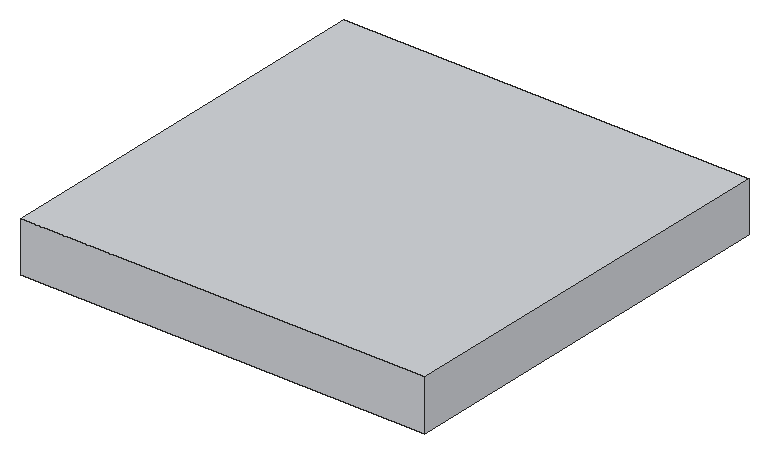
Revit family "Sanitary_Showers_DELABIE_H96CBOX-Recessed-housing-for-thermostati", category Appareils sanitaires, Revit 2018
Family settings
  Hôte = Face
  Cote de connecteur circulaire = Utiliser le diamètre
  Type d'élément = Normal
  Couper avec des vides une fois chargée = Non
  Partagée = Non
  Point de calcul de pièce = Non
Parameters
  Default Elevation = 1219.2 mm
Reference planes
  plane 1 "Centre (avant/arrière)": y = 0
  plane 2: z = 0
  plane 3 "Centre (gauche/droite)": x = 0
Forms (mm)
  Extrusion 1, solid
    sketch origin (0, 0, 0) x (1, 0, 0) y (0, 1, 0)
      loop
        line (-1219.2, 1219.2) -> (-1219.2, -1219.2) -> (1219.2, -1219.2) -> (1219.2, 1219.2) -> (-1219.2, 1219.2)
    from 0 to -304.8
Dimensions and locks
  aligned and locked: plane 2 to Extrusion 1
  aligned and locked: level to Extrusion 1
Nested families
  nested 1: "Sanitary_Showers_DELABIE_H96CBOX-Recessed-housing-for-thermostati" at (0, 0, 0), type "Default"
Connectors
  piping at (-37, 163.5, 24.1), diameter 19
    settings: on nested 1, index 1, connector inside diameter 609.6 mm, connector length 0 mm, flow factor 0, pipe flow 0.0 L/s, pressure drop 0.0 Pa, fitting loss kfactor 0, connector angle 0.00°, fixture units 0, engagement length 0 mm, angle of deflection 0.00°, flow configuration 0, flow direction 1, fitting loss method 0, system type 19, joint type 0, gender type 0, connector reference index -1, connector utility 0, adjustable connector no, is connector primary yes, connector description ""
  piping at (37, 163.5, 24.1), diameter 19
    settings: on nested 1, index 2, connector inside diameter 609.6 mm, connector length 0 mm, flow factor 0, pipe flow 0.0 L/s, pressure drop 0.0 Pa, fitting loss kfactor 0, connector angle 0.00°, fixture units 0, engagement length 0 mm, angle of deflection 0.00°, flow configuration 0, flow direction 1, fitting loss method 0, system type 20, joint type 0, gender type 0, connector reference index -1, connector utility 0, adjustable connector no, is connector primary no, connector description ""
Definition of nested family "Sanitary_Showers_DELABIE_H96CBOX-Recessed-housing-for-thermostati"
  Parameters (values of type "Default")
    Youtube clip = ""
    Uniformat II Description = ""
    Uniformat II Code = ""
    Uniclass 2015 Name = "Sanitary fittings and accessories"
    Uniclass 2015 Code = "Pr_40_20"
    Uniclass 2.0 Description = "Shower Mixers"
    Uniclass 2.0 Code = "PR-35-06-82"
    Uniclass 1.4 Description = "Showers"
    Uniclass 1.4 Code = "L7214"
    UNSPSC Code = "301815"
    Technical description = "https://www.delabie.com/products/h96cbox"
    Region South America = "AR, BO, BR, CL, CO, EC, FK, GF, GY, PE, PY, SR, UY, VE"
    Region Oceania = "AU, FJ, NC, NZ, PG, SB, TL, VU"
    Region North America = "BS, BZ, CA, CR, CU, DO, GL, GT, HN, HT, JM, MX, NI, PA, PR, SV, TT, US"
    Region Middle East = "AE, AF, EG, IL, IQ, IR, JO, KW, LB, OM, PS, QA, SA, SY, TR, YE"
    Region Europe = "AL, AT, BA, BE, BG, BY, CH, CY, CZ, DE, DK, EE, ES, FI, FR, GB, GR, HR, HU, IE, IS, IT, LT, LU, LV, MD, ME, MK, NL, NO, PL, PT, RO, RS, RU, SE, SI, SJ, SK, UA"
    Region Asia = "AM, AZ, BD, BN, BT, CN, GE, ID, IN, JP, KG, KH, KP, KR, KZ, LA, LK, MM, MN, MY, NP, PH, PK, TH, TJ, TM, TW, UZ, VN"
    Region Antarctica = "TF"
    Region Africa = "AO, BF, BI, BJ, BW, CD, CF, CG, CI, CM, DJ, DZ, EH, ER, ET, GA, GH, GM, GN, GQ, GW, KE, LR, LS, LY, MA, MG, ML, MR, MW, MZ, NA, NE, NG, RW, SD, SL, SN, SO, SS, SZ, TD, TG, TN, TZ, UG, ZA, ZM, ZW"
    QR code = "http://bimobject.com/delabie/product/H96CBOX"
    Product url = "https://www.delabie.com/products/h96cbox"
    Product name = "H96CBOX Recessed housing for thermostatic shower mixers"
    Product group = "Shower mixer"
    Product family = "Sanitary"
    Product data url = "https://bimobject.com/delabie/product/H96CBOX"
    Product certification = "https://www.delabie.com/products/h96cbox"
    Product SKU = "H96CBOX"
    Product Guid = "326f0986-5769-4846-b1ec-6ebd1b18950c"
    OmniClass Description = "Thermostatically Controlled Faucet Mixing Valves"
    OmniClass Code = "23-31 11 19 11"
    NBS Reference Description = "Shower Mixers"
    NBS Reference Code = "35-06-82"
    Material secondary = ""
    Material main = ""
    Masterformat 2014 Description = "Healthcare Faucets"
    Masterformat 2014 Code = "22 43 39"
    Manufacturer name = "DELABIE"
    Manufacturer country = "France"
    Installation instructions = "https://www.delabie.com/products/h96cbox"
    IFC Classification = "Sanitary Terminal"
    GTIN code = "https://3456330188845"
    Edition number = 1
    Design country = "France"
    Date of publishing = ""
    COBIe Type Category = ""
    Brand url = "http://www.delabie.com"
    BOS_1_Visibility = yes
    BOS_1_Material = none
    BOS_0_Visibility = yes
    BOS_0_Material = none
    BIMobject main category code = "sanitary"
    BIMobject main category = "Sanitary"
    BIMobject category code = "showers"
    BIMobject category = "Showers"
  Reference planes
    plane 1 "Center (Front/Back)": y = 0
    plane 2: z = 0
    plane 3 "Center (Left/Right)": x = 0
  Dimensions and locks
    aligned and locked: plane 2 to level
  Imported bodies without a history: 1
